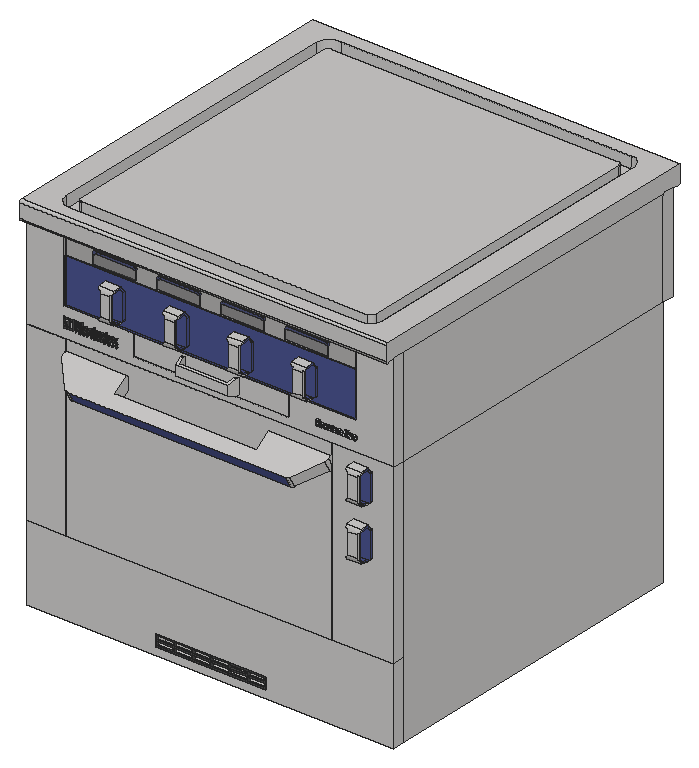
Revit family "QF_ELECTROLUXPROFESSIONAL_588425_MATGFAH8AO", category Attrezzature speciali, Revit 2020
Family settings
  Quota connettore circolare = Usa diametro
  Tipo di parte = Normale
  Basato su piano di lavoro = No
  Sempre verticale = Sì
  Taglio con vuoti quando caricato = No
  Condiviso = No
  Punto di calcolo locali = No
Parameters (values of type "Standard")
  Weight = 208.00 kg
  Watts = 17300 W
  Volts = 400 V
  URL Manufacturer = "https://www.electroluxprofessional.com/"
  URL = "https://www.electroluxprofessional.com/"
  Steam Supply Size = 0"
  Steam Supply Minimum Pressure = 0.00 psi
  Steam Supply Maximum Pressure = 0.00 psi
  Steam Consumption per Hour = 0
  Refrigeration Suction Line Size = 0 mm
  Refrigeration Liquid Line Size = 0 mm
  Refrigerant Compressor Remote = yes
  Prospetto di default = 0 mm
  Phase = 3
  Modello = "MATGFAH8AO"
  Produttore = "Electrolux Professional"
  Length Actual = 800 mm  # constant formula
  Item Number = "588425"
  Hot Water Size = 0"
  Height Actual = 800 mm  # constant formula
  HP = "23.2 HP"
  Gas Size = 0"
  Gas KW = 0
  Gas Input Pressure = 0.0 Btu/h
  Direct Waste Size = 0"
  Descrizione = "EL.FREE COOK.ST.OVEN,1S,800X800X800H"
  Depth Actual = 800 mm  # constant formula
  Cycle = 50 Hz
  Condensate Return Size = 0"
  Compressed Air Volume = 0 GPM
  Compressed Air Size = 0"
  Compressed Air Pressure = 0.00 psi
  Cold Water Size = 0"
  Accessory = yes
Reference planes
  plane 1 "BACK": y = 0
  plane 2: z = 0
  plane 3 "LEFT": x = 0
  plane 4 "RIGHT": x = 800
  plane 5 "FRONT": y = -800
  plane 6 "TOP": z = 900
  plane 7 "Center (Left/Right)": x = 400
  plane 8: y = -400
  plane 9: z = 100
  plane 10: y = -150
  plane 11 "Panel": y = -755
  plane 12: z = 798
  plane 13: z = 1327
  plane 14: x = 78
  plane 15: x = 722
  plane 16: y = -150
  plane 17: y = -650
  plane 18 "EIx": x = 755
  plane 19 "EIy": y = -585
Forms (mm)
  Extrusion 1, solid, material "QF_Finishes_Stainless Steel"
    sketch origin (-178.969, -4572, 100) x (-1, 0, 0) y (0, -1, 0)
      loop
        line (-178.969, -4527) -> (-178.969, -3817) -> (-978.969, -3817) -> (-978.969, -4527) -> (-178.969, -4527)
    from 550 to 762.969
  Extrusion 2, solid, material "QF_Finishes_Stainless Steel"
    sketch origin (0, 0, 0) x (0, 1, 0) y (0, 0, 1)
      loop
        line (-755, 100) -> (-755, 265) -> (-780, 265) -> (-780, 100) -> (-755, 100)
    from 0 to 800
  Extrusion 3, solid, material "QF_Finishes_Stainless Steel"
    sketch origin (-588.969, -4562, 100) x (-1, 0, 0) y (0, -1, 0)
      loop
        circle (-1343.969, -3977) r 6.35
    from 0 to -11.851
  Extrusion 4, solid, material "QF_Finishes_Stainless Steel"
    sketch origin (400, 296.4, 1219.2) x (0, 1, 0) y (0, 0, 1)
      loop
        line (-296.4, -319.2) -> (-1091.4, -319.2)
        arc (-1091.4, -319.2) -> (-1094.935, -320.664) -> (-1096.4, -324.2) r 5
        line (-1096.4, -324.2) -> (-1096.4, -355.2)
        arc (-1096.4, -355.2) -> (-1094.971, -358.264) -> (-1091.705, -359.139) r 4
        line (-1091.705, -359.139) -> (-1076.4, -356.231) -> (-316.4, -356.231) -> (-301.094, -359.139)
        arc (-301.094, -359.139) -> (-297.829, -358.264) -> (-296.4, -355.2) r 4
        line (-296.4, -355.2) -> (-296.4, -319.2)
    from -400 to 400
  Extrusion 5, solid, material "QF_Finishes_Stainless Steel"
    sketch origin (0, 0, 900) x (-1, 0, 0) y (0, -1, 0)
      loop
        arc (-88, 59) -> (-80.929, 61.929) -> (-78, 69) r 10
        line (-78, 69) -> (-78, 730)
        arc (-78, 730) -> (-80.929, 737.071) -> (-88, 740) r 10
        line (-88, 740) -> (-712, 740)
        arc (-712, 740) -> (-719.071, 737.071) -> (-722, 730) r 10
        line (-722, 730) -> (-722, 69)
        arc (-722, 69) -> (-719.071, 61.929) -> (-712, 59) r 10
        line (-712, 59) -> (-88, 59)
    from 0 to -20
  Extrusion 6, solid, material "QF_Finishes_Stainless Steel"
    sketch origin (-178.969, -4572, 100) x (-1, 0, 0) y (0, -1, 0)
      loop
        line (-178.969, -4527) -> (-178.969, -3817) -> (-978.969, -3817) -> (-978.969, -4527) -> (-178.969, -4527)
    from 550 to 0
  Extrusion 7, void
    sketch origin (0, -755, 0) x (-1, 0, 0) y (0, 0, 1)
      loop
        line (-520, 116.594) -> (-280, 116.594) -> (-280, 141.594) -> (-520, 141.594) -> (-520, 116.594)
    from 0 to -25
  Extrusion 8, solid, material "QF_Finishes_Black"
    sketch origin (0, -755, 0) x (-1, 0, 0) y (0, 0, 1)
      loop
        line (-280, 141.594) -> (-520, 141.594) -> (-520, 116.594) -> (-280, 116.594) -> (-280, 141.594)
      loop
        line (-282, 139.594) -> (-319.131, 139.594) -> (-319.131, 130.094) -> (-282, 130.094) -> (-282, 139.594)
      loop
        line (-282, 118.594) -> (-282, 128.094) -> (-319.131, 128.094) -> (-319.131, 118.594) -> (-282, 118.594)
      loop
        line (-321.131, 139.594) -> (-359.066, 139.594) -> (-359.066, 130.094) -> (-321.131, 130.094) -> (-321.131, 139.594)
      loop
        line (-399, 139.594) -> (-399, 130.094) -> (-361.066, 130.094) -> (-361.066, 139.594) -> (-399, 139.594)
      loop
        line (-401, 139.594) -> (-438.934, 139.594) -> (-438.934, 130.094) -> (-401, 130.094) -> (-401, 139.594)
      loop
        line (-359.066, 118.594) -> (-321.131, 118.594) -> (-321.131, 128.094) -> (-359.066, 128.094) -> (-359.066, 118.594)
      loop
        line (-361.066, 118.594) -> (-361.066, 128.094) -> (-399, 128.094) -> (-399, 118.594) -> (-361.066, 118.594)
      loop
        line (-401, 128.094) -> (-438.934, 128.094) -> (-438.934, 118.594) -> (-401, 118.594) -> (-401, 128.094)
      loop
        line (-518, 139.594) -> (-518, 130.094) -> (-480.869, 130.094) -> (-480.869, 139.594) -> (-518, 139.594)
      loop
        line (-518, 118.594) -> (-480.869, 118.594) -> (-480.869, 128.094) -> (-518, 128.094) -> (-518, 118.594)
      loop
        line (-478.869, 139.594) -> (-478.869, 130.094) -> (-440.934, 130.094) -> (-440.934, 139.594) -> (-478.869, 139.594)
      loop
        line (-440.934, 118.594) -> (-440.934, 128.094) -> (-478.869, 128.094) -> (-478.869, 118.594) -> (-440.934, 118.594)
    from -25.03 to -20
  Extrusion 9, void
    sketch origin (0, 0, 900) x (-1, 0, 0) y (0, -1, 0)
      loop
        arc (-53, 740) -> (-61.787, 761.213) -> (-83, 770) r 30
        line (-83, 770) -> (-717, 770)
        arc (-717, 770) -> (-738.213, 761.213) -> (-747, 740) r 30
        line (-747, 740) -> (-747, 59)
        arc (-747, 59) -> (-738.213, 37.787) -> (-717, 29) r 30
        line (-717, 29) -> (-83, 29)
        arc (-83, 29) -> (-61.787, 37.787) -> (-53, 59) r 30
        line (-53, 59) -> (-53, 740)
    from 0 to -25
  Extrusion 10, solid, material "QF_Finishes_Stainless Steel"
    sketch origin (0, 0, 900) x (-1, 0, 0) y (0, -1, 0)
      loop
        line (-82, 63) -> (-82, 736) -> (-718, 736) -> (-718, 63) -> (-82, 63)
    from -20 to -25
  Extrusion 11, solid, material "QF_Finishes_Stainless Steel"
    sketch origin (400, 296.4, 1219.2) x (0, 1, 0) y (0, 0, 1)
      loop
        line (-341.4, -569.2) -> (-316.4, -569.2) -> (-316.4, -356.231) -> (-341.4, -356.231) -> (-341.4, -569.2)
    from -400 to 400
Cuts and joins
  Extrusion 7 cuts Extrusion 6
  Extrusion 7 cuts Extrusion 2
  Extrusion 9 cuts Extrusion 4
Lines and regions (mm)
  symbolic lines
    curve 1: line (0, 0, 100) -> (800, 0, 100)
    curve 2: line (0, -800, 100) -> (0, 0, 100)
    curve 3: line (800, -800, 100) -> (0, -800, 100)
    curve 4: line (800, 0, 100) -> (800, -800, 100)
    curve 5: line (712, -59, 100) -> (88, -59, 100)
    curve 6: line (722, -680, 100) -> (722, -69, 100)
    curve 7: arc (88, -59, 100) -> (80.929, -61.929, 100) -> (78, -69, 100) r 10
    curve 8: arc (722, -69, 100) -> (719.071, -61.929, 100) -> (712, -59, 100) r 10
    curve 9: line (712, -741, 100) -> (88, -741, 100)
    curve 10: arc (88, -741, 100) -> (80.929, -738.071, 100) -> (78, -731, 100) r 10
    curve 11: arc (722, -731, 100) -> (719.071, -738.071, 100) -> (712, -741, 100) r 10
    curve 12: line (78, -69, 0) -> (78, -731, 0)
    curve 13: line (722, -731, 0) -> (722, -69, 0)
    curve 14: arc (83, -29, 0) -> (61.787, -37.787, 0) -> (53, -59, 0) r 30
    curve 15: line (717, -29, 0) -> (83, -29, 0)
    curve 16: line (53, -59, 0) -> (53, -740, 0)
    curve 17: line (747, -740, 0) -> (747, -59, 0)
    curve 18: arc (747, -59, 0) -> (738.213, -37.787, 0) -> (717, -29, 0) r 30
    curve 19: arc (717, -770, 0) -> (738.213, -761.213, 0) -> (747, -740, 0) r 30
    curve 20: line (83, -770, 0) -> (717, -770, 0)
    curve 21: arc (53, -740, 0) -> (61.787, -761.213, 0) -> (83, -770, 0) r 30
Dimensions and locks
  plane 3 "LEFT" to plane 4 "RIGHT" = 800 mm
  plane 5 "FRONT" to plane 1 "BACK" = 800 mm
  equal spacing: plane 3 "LEFT", plane 7 "Center (Left/Right)", plane 4 "RIGHT"
  equal spacing: plane 5 "FRONT", plane 8, plane 1 "BACK"
  plane 6 "TOP" to level = 900 mm  (x2)
  plane 9 to level = 100 mm
  plane 1 "BACK" to plane 10 to plane 11 "Panel" = 150 mm, 605 mm  (x2)
  plane 6 "TOP" to plane 9 to level = 800 mm, 100 mm
  plane 1 "BACK" to plane 5 "FRONT" = 800 mm
  plane 1 "BACK" to Extrusion 3 = 585 mm
  plane 12 to plane 9 = 698 mm
  plane 13 to plane 6 "TOP" = 427 mm
  plane 6 "TOP" to plane 12 = 102 mm
  plane 14 to plane 3 "LEFT" = 78 mm
  plane 15 to plane 4 "RIGHT" = 78 mm
  locked: plane 1 "BACK" to plane 16 at 150
  locked: plane 16 to plane 17 at 500
  plane 11 "Panel" to plane 5 "FRONT" = 45 mm
  plane 18 "EIx" to plane 4 "RIGHT" = 45 mm
  plane 19 "EIy" to plane 1 "BACK" = 585 mm
  aligned and locked: level to plane 2
  aligned and locked: Extrusion 2 to plane 4 "RIGHT"
  aligned and locked: plane 3 "LEFT" to nested 1
  aligned and locked: Extrusion 11 to plane 4 "RIGHT"
  aligned and locked: Extrusion 11 to plane 3 "LEFT"
  aligned and locked: plane 7 "Center (Left/Right)" to nested 4
  aligned and locked: cut or joined group of Extrusion 2, Extrusion 7 to nested 1
  aligned and locked: Extrusion 1 to cut or joined group of Extrusion 6, Extrusion 7
Automatic sketch dimensions
  Extrusion 2 sketch curve to plane 9 = 0 mm
  Extrusion 2 sketch curve to plane 11 "Panel" = 0 mm
  Extrusion 2 sketch curve to plane 5 "FRONT" = 20 mm
  plane 9 to Extrusion 2 sketch curve = 165 mm
  Extrusion 3 sketch curve to plane 18 "EIx" = 0 mm
  Extrusion 3 sketch curve to plane 19 "EIy" = 0 mm
  Extrusion 4 sketch curve to plane 5 "FRONT" = 0 mm
  Extrusion 4 sketch curve to plane 6 "TOP" = 0 mm
  Extrusion 4 sketch curve to plane 1 "BACK" = 0 mm
  Extrusion 4 sketch curve to plane 5 "FRONT" = 4 mm
  Extrusion 4 sketch curve to Extrusion 4 sketch curve = 0.695 mm
  Extrusion 4 sketch curve to plane 5 "FRONT" = 5 mm
  Extrusion 4 sketch curve to Extrusion 4 sketch curve = 15.305 mm
  plane 1 "BACK" to Extrusion 4 sketch curve = 20 mm
  plane 1 "BACK" to Extrusion 4 sketch curve = 4.695 mm
  Extrusion 4 sketch curve to Extrusion 4 sketch curve = 4 mm
  Extrusion 4 sketch curve to Extrusion 4 sketch curve = 31 mm
  Extrusion 4 sketch curve to plane 6 "TOP" = 36 mm
  Extrusion 4 sketch curve to Extrusion 4 sketch curve = 2.909 mm
  Extrusion 5 sketch curve to plane 15 = 0 mm
  Extrusion 5 sketch curve to plane 14 = 0 mm
  plane 15 to Extrusion 5 sketch curve = 10 mm  (x2)
  Extrusion 5 sketch curve to Extrusion 5 sketch curve = 10 mm  (x2)
  plane 10 to Extrusion 5 sketch curve = 91 mm
  plane 17 to Extrusion 5 sketch curve = 80 mm
  plane 9 to Extrusion 7 sketch curve = 41.594 mm
  plane 7 "Center (Left/Right)" to Extrusion 7 sketch curve = 120 mm
  Extrusion 7 sketch curve to plane 7 "Center (Left/Right)" = 120 mm
  plane 9 to Extrusion 7 sketch curve = 16.594 mm
  plane 9 to Extrusion 8 sketch curve = 41.594 mm
  plane 7 "Center (Left/Right)" to Extrusion 8 sketch curve = 120 mm
  Extrusion 8 sketch curve to Extrusion 8 sketch curve = 2 mm  (x15)
  Extrusion 8 sketch curve to Extrusion 8 sketch curve = 0 mm  (x16)
  Extrusion 8 sketch curve to Extrusion 8 sketch curve = 37.131 mm  (x2)
  Extrusion 8 sketch curve to Extrusion 8 sketch curve = 37.934 mm  (x3)
  plane 7 "Center (Left/Right)" to Extrusion 8 sketch curve = 1 mm  (x2)
  Extrusion 8 sketch curve to plane 7 "Center (Left/Right)" = 1 mm  (x2)
  plane 9 to Extrusion 8 sketch curve = 18.594 mm  (x4)
  Extrusion 8 sketch curve to Extrusion 8 sketch curve = 9.5 mm  (x6)
  Extrusion 10 sketch curve to plane 14 = 4 mm
  plane 15 to Extrusion 10 sketch curve = 4 mm
  plane 17 to Extrusion 10 sketch curve = 86 mm
  plane 10 to Extrusion 10 sketch curve = 87 mm
  plane 18 "EIx" to Extrusion 9 sketch curve = 8 mm
  plane 15 to Extrusion 9 sketch curve = 5 mm  (x2)
  Extrusion 9 sketch curve to plane 14 = 5 mm  (x2)
  plane 14 to Extrusion 9 sketch curve = 25 mm
  plane 1 "BACK" to Extrusion 9 sketch curve = 29 mm
  plane 11 "Panel" to Extrusion 9 sketch curve = 15 mm
  Extrusion 1 sketch curve to plane 4 "RIGHT" = 0 mm
  Extrusion 1 sketch curve to plane 3 "LEFT" = 0 mm
  Extrusion 1 sketch curve to plane 11 "Panel" = 0 mm
  plane 1 "BACK" to Extrusion 1 sketch curve = 45 mm
  plane 1 "BACK" to curve 1 = 0 mm
  curve 1 to plane 4 "RIGHT" = 0 mm
  curve 6 to plane 15 = 0 mm
  curve 11 to plane 15 = 0 mm
  curve 10 to plane 14 = 0 mm
  curve 7 to plane 14 = 0 mm
  curve 2 to plane 3 "LEFT" = 0 mm
  plane 5 "FRONT" to curve 3 = 0 mm
  plane 15 to curve 9 = 10 mm
  plane 15 to curve 5 = 10 mm
  curve 7 to plane 14 = 10 mm
  curve 10 to plane 14 = 10 mm
  plane 1 "BACK" to curve 5 = 59 mm
  plane 17 to curve 6 = 30 mm
  plane 11 "Panel" to curve 11 = 24 mm
  Extrusion 6 sketch curve to plane 4 "RIGHT" = 0 mm
  Extrusion 6 sketch curve to plane 3 "LEFT" = 0 mm
  Extrusion 6 sketch curve to plane 11 "Panel" = 0 mm
  plane 1 "BACK" to Extrusion 6 sketch curve = 45 mm
  curve 12 to plane 14 = 0 mm
  curve 13 to plane 15 = 0 mm
  plane 11 "Panel" to curve 12 = 24 mm
  plane 11 "Panel" to curve 13 = 24 mm
  plane 1 "BACK" to curve 13 = 69 mm
  curve 14 to plane 14 = 5 mm
  curve 12 to curve 14 = 10 mm
  plane 1 "BACK" to curve 15 = 29 mm
  plane 15 to curve 15 = 5 mm
  plane 11 "Panel" to curve 16 = 15 mm
  plane 18 "EIx" to curve 17 = 8 mm
  plane 11 "Panel" to curve 17 = 15 mm
  plane 15 to curve 19 = 5 mm
  curve 20 to plane 14 = 5 mm
  plane 1 "BACK" to Extrusion 11 sketch curve = 45 mm
  plane 1 "BACK" to Extrusion 11 sketch curve = 20 mm
  Extrusion 11 sketch curve to plane 12 = 148 mm
  Extrusion 11 sketch curve to plane 6 "TOP" = 37.031 mm
  radius of Extrusion 3 sketch curve = 6.35 mm
Nested families
  nested 1: "Door_Panel_W800_A" at (300, -755, 0), type "Door_Panel_W800_A"
  nested 2: "FIT Range Control Handle" at (730, -783.167, -372.751), type "FIT Range Control Handle"
  nested 3: "FIT Range Control Handle" at (730, -783.167, -484.751), type "FIT Range Control Handle"
  nested 4: "Front_Panel_W800_Four Knobs" at (202.376, -755, 0), type "Front_Panel_W800_Four Knobs"
Connectors
  electrical at (755, -585, 88.149)
    settings: on Extrusion 3, index 1, voltage 400 V, apparent load 33000 VA, apparent load phase1 0 VA, apparent load phase2 0 VA, apparent load phase3 0 VA, power factor 1, load classification "Other", number of poles 1, system type 30, power factor state 1, is connector primary yes, connector utility no, sub classification motor no, connector description "ELECTRICAL CONNECTION"
Definition of nested family "Door_Panel_W800_A"
  Parameters
    Default Elevation = 0 mm
  Reference planes
    plane 1 "Center (Front/Back)": y = 0
    plane 2 "Ref. Level": z = 0
    plane 3: x = 500
    plane 4: x = -300
    plane 5 "Center (Left/Right)": x = 100
    plane 6: x = -215
    plane 7: x = 365
    plane 8 "Manopola": through (-6096, -50.059, 612.389) normal (0, -0.515, 0.8572)
    plane 9 "Top": z = 650
    plane 10: z = 265
    plane 11: z = 200
  Forms (mm)
    Extrusion 1, solid
      sketch origin (100, 0, 0) x (0, 1, 0) y (0, 0, 1)
        loop
          line (-25.03, 650) -> (-25.03, 265) -> (0, 265) -> (0, 650) -> (-25.03, 650)
      from 265 to 400
    Extrusion 2, solid
      sketch origin (100, 0, 0) x (0, 1, 0) y (0, 0, 1)
        loop
          line (-25.03, 650) -> (-25.03, 265) -> (0, 265) -> (0, 650) -> (-25.03, 650)
      from -400 to -315
    Extrusion 3, solid
      sketch origin (100, 0, 0) x (0, 1, 0) y (0, 0, 1)
        loop
          line (-25.03, 650) -> (-25.03, 265) -> (0, 265) -> (0, 650) -> (-25.03, 650)
      from -315 to 265
    Extrusion 4, solid
      sketch origin (0, -283.633, 472.044) x (0, 0.857167, 0.515038) y (-1, 0, 0)
        loop
          line (299.12, -365) -> (299.12, 215) -> (290.982, 215)
          arc (290.982, 215) -> (286.677, 214.026) -> (283.211, 211.293) r 10
          line (283.211, 211.293) -> (233.28, 170.86)
          arc (233.28, 170.86) -> (230.548, 167.394) -> (229.574, 163.089) r 10
          line (229.574, 163.089) -> (229.574, -313.089)
          arc (229.574, -313.089) -> (230.548, -317.394) -> (233.28, -320.86) r 10
          line (233.28, -320.86) -> (283.211, -361.293)
          arc (283.211, -361.293) -> (286.677, -364.026) -> (290.982, -365) r 10
          line (290.982, -365) -> (299.12, -365)
      from -27 to 0
    Extrusion 5, void
      sketch origin (100, 0, 0) x (0, 1, 0) y (0, 0, 1)
        loop
          line (-61.514, 605.507) -> (-47.608, 582.363) -> (-25.03, 595.93) -> (-25.03, 627.429) -> (-61.514, 605.507)
      from -180 to 130
    Extrusion 6, solid, detail levels coarse
      sketch origin (100, 0, 0) x (0, 1, 0) y (0, 0, 1)
        loop
          line (-25.03, 265) -> (-25.03, 650)
          arc (-25.03, 650) -> (-297.266, 537.236) -> (-410.03, 265) r 385
          line (-410.03, 265) -> (-25.03, 265)
      from -315 to 265
  Cuts and joins
    Extrusion 5 cuts Extrusion 4
    joined: Extrusion 3, Extrusion 4
  Lines and regions (mm)
    symbolic lines
      curve 1: line (-207.355, -45.043, 0) -> (-170.86, -83.673, 0)
      curve 2: line (-163.089, -86.85, 0) -> (313.089, -86.85, 0)
      curve 3: line (320.86, -83.673, 0) -> (357.355, -45.043, 0)
      curve 4: arc (-163.089, -86.85, 0) -> (-167.318, -86.101, 0) -> (-170.86, -83.673, 0) r 10.165
      curve 5: arc (313.089, -86.85, 0) -> (317.318, -86.101, 0) -> (320.86, -83.673, 0) r 10.165
      curve 6: line (-215, -45.043, 0) -> (-215, -410.03, 0)
      curve 7: line (-215, -410.03, 0) -> (365, -410.03, 0)
      curve 8: line (365, -410.03, 0) -> (365, -45.03, 0)
  Dimensions and locks
    plane 3 to plane 4 = 800 mm
    plane 4 to plane 3 = 800 mm
    equal spacing: plane 3, plane 5 "Center (Left/Right)", plane 4
    plane 6 to plane 4 = 85 mm
    plane 3 to plane 7 = 135 mm
    plane 11 to level = 200 mm
    plane 10 to plane 11 = 65 mm
    plane 10 to plane 9 "Top" = 385 mm
    plane 9 "Top" to plane 11 = 450 mm
    aligned and locked: plane 3 to Extrusion 1
    aligned and locked: cut or joined group of Extrusion 3, Extrusion 4, Extrusion 5 to plane 6
    aligned and locked: cut or joined group of Extrusion 3, Extrusion 4, Extrusion 5 to plane 7
    aligned and locked: plane 7 to Extrusion 1
    aligned and locked: plane 6 to Extrusion 2
    aligned and locked: Extrusion 2 to plane 4
    aligned and locked: plane 10 to Extrusion 2
    aligned and locked: plane 10 to cut or joined group of Extrusion 3, Extrusion 4, Extrusion 5
    aligned and locked: plane 10 to Extrusion 1
    aligned and locked: Extrusion 6 to plane 6
    aligned and locked: Extrusion 6 to plane 7
  Automatic sketch dimensions
    Extrusion 5 sketch curve to plane 8 "Manopola" = 0 mm  (x2)
    plane 1 "Center (Front/Back)" to Extrusion 5 sketch curve = 61.514 mm
    Extrusion 5 sketch curve to Extrusion 5 sketch curve = 13.906 mm
    plane 1 "Center (Front/Back)" to Extrusion 5 sketch curve = 25.03 mm
    Extrusion 4 sketch curve to plane 7 = 0 mm
    Extrusion 4 sketch curve to plane 6 = 0 mm
    plane 6 to Extrusion 4 sketch curve = 51.911 mm
    plane 7 to Extrusion 4 sketch curve = 44.14 mm
    Extrusion 4 sketch curve to Extrusion 4 sketch curve = 3.707 mm  (x2)
    plane 6 to Extrusion 4 sketch curve = 44.14 mm
    plane 7 to Extrusion 4 sketch curve = 3.707 mm
    Extrusion 4 sketch curve to Extrusion 4 sketch curve = 49.93 mm  (x2)
    plane 6 to Extrusion 4 sketch curve = 3.707 mm
    Extrusion 4 sketch curve to Extrusion 4 sketch curve = 7.771 mm  (x3)
    Extrusion 4 sketch curve to Extrusion 4 sketch curve = 8.138 mm
    Extrusion 2 sketch curve to plane 1 "Center (Front/Back)" = 0 mm
    Extrusion 3 sketch curve to plane 1 "Center (Front/Back)" = 0 mm
    Extrusion 1 sketch curve to plane 1 "Center (Front/Back)" = 0 mm
    Extrusion 2 sketch curve to plane 9 "Top" = 0 mm
    Extrusion 2 sketch curve to Extrusion 2 sketch curve = 25.03 mm
    Extrusion 3 sketch curve to plane 9 "Top" = 0 mm
    Extrusion 3 sketch curve to Extrusion 3 sketch curve = 25.03 mm
    Extrusion 1 sketch curve to plane 9 "Top" = 0 mm
    plane 1 "Center (Front/Back)" to Extrusion 1 sketch curve = 25.03 mm
    level to Extrusion 1 sketch curve = 265 mm
    level to Extrusion 2 sketch curve = 265 mm
    level to Extrusion 3 sketch curve = 265 mm
    plane 10 to Extrusion 6 sketch curve = 0 mm
    Extrusion 6 sketch curve to plane 9 "Top" = 0 mm
    plane 1 "Center (Front/Back)" to Extrusion 6 sketch curve = 25.03 mm
    curve 7 to plane 7 = 0 mm
    plane 6 to curve 1 = 44.14 mm
    curve 4 to curve 4 = 7.389 mm
    curve 4 to curve 2 = 7.771 mm
    plane 7 to curve 2 = 51.911 mm
    curve 2 to curve 5 = 0.382 mm
    curve 2 to curve 3 = 7.771 mm
    plane 1 "Center (Front/Back)" to curve 6 = 410.03 mm
    plane 1 "Center (Front/Back)" to curve 2 = 86.85 mm
    curve 2 to curve 3 = 3.177 mm
    curve 2 to curve 1 = 3.177 mm
    plane 7 to curve 3 = 7.645 mm
    plane 1 "Center (Front/Back)" to curve 3 = 45.043 mm
    curve 3 to curve 8 = 0.013 mm
    curve 7 to plane 6 = 0 mm
    curve 6 to curve 1 = 7.645 mm
    plane 1 "Center (Front/Back)" to curve 1 = 45.043 mm
    curve 6 to curve 1 = 0 mm
Definition of nested family "FIT Range Control Handle"
  Parameters
    Default Elevation = 0 mm
  Reference planes
    plane 1 "Center (Front/Back)": y = 0
    plane 2: z = 0
    plane 3 "Center (Left/Right)": x = 0
    plane 4: z = 971.092
    plane 5: y = -16.8
  Forms (mm)
    Extrusion 1, solid
      sketch origin (-746.28, 380.497, 208.931) x (-1, 0, 0) y (0, 0, 1)
        loop
          line (-770.101, 786.798) -> (-770.101, 731.649)
          arc (-770.101, 731.649) -> (-769.759, 730.563) -> (-768.855, 729.87) r 1.893
          line (-768.855, 729.87) -> (-763.474, 727.911) -> (-729.81, 727.911) -> (-724.428, 729.87)
          arc (-724.428, 729.87) -> (-723.525, 730.563) -> (-723.183, 731.649) r 1.893
          line (-723.183, 731.649) -> (-723.183, 786.798)
          arc (-723.183, 786.798) -> (-723.529, 787.894) -> (-724.44, 788.593) r 1.91
          line (-724.44, 788.593) -> (-729.683, 790.819) -> (-763.601, 790.819) -> (-768.844, 788.593)
          arc (-768.844, 788.593) -> (-769.755, 787.894) -> (-770.101, 786.798) r 1.91
      from -382.35 to -378.852
    Sweep 2, solid
      path origin (-746.788, 380.496, 208.091) x (0, -1, 0) y (0, 0, 1)
        loop
          line (379.775, 793.281) -> (395.661, 791.048)
          arc (395.661, 791.048) -> (397.781, 787.377) -> (398.517, 783.202) r 12.207
          line (398.517, 783.202) -> (398.517, 737.368)
          arc (398.517, 737.368) -> (397.781, 733.193) -> (395.661, 729.522) r 12.207
          line (395.661, 729.522) -> (379.775, 727.289)
      profile origin (-746.788, -7.222, 1000.256) x (0, -0.139173, 0.990268) y (-1, 0, 0)
        loop
          line (0.782, -763.123) -> (0.782, -730.907) -> (-1.322, -730.907) -> (-1.322, -763.123) -> (0.782, -763.123)
    Sweep 3, solid
      path origin (-746.788, 380.715, 207.832) x (0, -1, 0) y (0, 0, 1)
        loop
          line (380.478, 795.442) -> (397.218, 793.09)
          arc (397.218, 793.09) -> (399.929, 788.473) -> (400.871, 783.202) r 15.207
          line (400.871, 783.202) -> (400.871, 737.584)
          arc (400.871, 737.584) -> (399.914, 732.274) -> (397.164, 727.633) r 15.207
          line (397.164, 727.633) -> (380.601, 725.305)
      profile origin (-746.788, -8.132, 1002.099) x (0, -0.139173, 0.990268) y (-1, 0, 0)
        loop
          line (0.782, -763.123) -> (0.782, -730.907) -> (-1.322, -730.907) -> (-1.322, -763.123) -> (0.782, -763.123)
    Extrusion 4, void
      sketch origin (889.253, 220.666, 207.993) x (1, 0, 0) y (0, 0, 1)
        loop
          line (-943.038, 816.854) -> (-943.038, 703.686) -> (-899.466, 734.196) -> (-899.466, 786.344) -> (-943.038, 816.854)
      from 230.636 to 242.25
    Extrusion 5, void
      sketch origin (-888.8, 220.666, 207.993) x (-1, 0, 0) y (0, 0, -1)
        loop
          line (-943.038, -816.854) -> (-899.466, -786.344) -> (-899.466, -734.196) -> (-943.038, -703.686) -> (-943.038, -816.854)
      from 230.636 to 242.25
    Extrusion 6, solid
      sketch origin (0, 0, 0) x (1, 0, 0) y (0, 0, 1)
        loop
          circle (0, 971.092) r 7.736
      from -3.137 to -1.645
  Cuts and joins
    Extrusion 4, Extrusion 5 cuts Sweep 3
    Extrusion 4, Extrusion 5 cuts Sweep 2
    joined: Extrusion 1, Extrusion 6
  Lines and regions (mm)
    symbolic lines
      curve 1: line (-15.881, -19.189, 0) -> (-15.881, -16.8, 0)
      curve 2: line (16.334, -19.189, 0) -> (16.334, -16.8, 0)
      curve 3: spline (-15.881, -19.189, 0) -> (-15.417, -19.349, 0) -> (-14.951, -19.501, 0) -> (-14.483, -19.646, 0) -> (-14.014, -19.783, 0) -> (-13.543, -19.912, 0) -> (-13.071, -20.033, 0) -> (-12.597, -20.146, 0) -> (-12.122, -20.251, 0) -> (-11.646, -20.349, 0) -> (-11.169, -20.438, 0) -> (-10.691, -20.52, 0) -> (-10.213, -20.593, 0)
      curve 4: spline (10.666, -20.593, 0) -> (11.144, -20.52, 0) -> (11.622, -20.438, 0) -> (12.099, -20.349, 0) -> (12.575, -20.251, 0) -> (13.05, -20.146, 0) -> (13.524, -20.033, 0) -> (13.996, -19.912, 0) -> (14.467, -19.783, 0) -> (14.936, -19.646, 0) -> (15.404, -19.501, 0) -> (15.87, -19.349, 0) -> (16.334, -19.189, 0)
      curve 5: line (-10.213, -20.938, 0) -> (10.716, -20.938, 0)
  Dimensions and locks
    cut or joined group of Sweep 3, Extrusion 4, Extrusion 5 to cut or joined group of Sweep 3, Extrusion 4, Extrusion 5 = 71.686 mm
Definition of nested family "Front_Panel_W800_Four Knobs"
  Parameters
    Default Elevation = 0 mm
  Reference planes
    plane 1 "Center (Front/Back)": y = 0
    plane 2: z = 0
    plane 3 "Center (Left/Right)": x = 197.624
    plane 4 "Left": x = -202.376
    plane 5 "Right": x = 597.624
    plane 6: y = -45
    plane 7: x = -12.376
    plane 8: x = 127.624
    plane 9: y = -310
    plane 10: y = -25
    plane 11: x = 517.624
    plane 12: x = -122.376
  Forms (mm)
    Extrusion 1, solid
      sketch origin (833.217, 829.203, -1.25) x (0, 1, 0) y (0, 0, 1)
        loop
          line (-854.203, 651.25) -> (-829.203, 651.25) -> (-829.203, 864.25) -> (-854.203, 864.25) -> (-854.203, 651.25)
      from -1035.593 to -235.593
    Extrusion 2, void
      sketch origin (0, 0, 0) x (1, 0, 0) y (0, 0, 1)
        loop
          line (-122.376, 853.866) -> (-122.376, 711.866) -> (517.624, 711.866) -> (517.624, 853.866) -> (-122.376, 853.866)
      from 19.387 to 33.951
    Extrusion 3, void
      sketch origin (0, 0, 0) x (1, 0, 0) y (0, 0, 1)
        loop
          line (30.124, 711.866) -> (30.124, 666.866) -> (370.124, 666.866) -> (370.124, 711.866) -> (30.124, 711.866)
      from 19.387 to 25
    Extrusion 4, solid
      sketch origin (0, 0, 0) x (1, 0, 0) y (0, 0, 1)
        loop
          line (31.124, 710.866) -> (31.124, 667.866) -> (369.124, 667.866) -> (369.124, 710.866) -> (31.124, 710.866)
      from 19.387 to 25
    Extrusion 5, solid
      sketch origin (0, 0, 0) x (1, 0, 0) y (0, 1, 0)
        loop
          line (141.059, -25) -> (135.966, -25) -> (140.646, -49.075) -> (254.603, -49.075) -> (259.283, -25) -> (254.189, -25) -> (250.481, -44.075) -> (144.767, -44.075) -> (141.059, -25)
      from 672.593 to 705.67
    Extrusion 6, void
      sketch origin (197.624, 0, 0) x (0, 1, 0) y (0, 0, 1)
        loop
          line (-30, 705.67) -> (-30, 710.67) -> (-56.744, 710.67) -> (-56.744, 667.593) -> (-30, 667.593) -> (-30, 672.593) -> (-53.776, 680.318) -> (-53.776, 697.945) -> (-30, 705.67)
      from -70 to 70
    Extrusion 7, solid, detail levels coarse
      sketch origin (0, -265, 0) x (1, 0, 0) y (0, 1, 0)
        loop
          line (140.646, -69.075) -> (254.603, -69.075) -> (259.283, -45) -> (364.124, -45) -> (364.124, 240) -> (31.124, 240) -> (31.124, -45) -> (135.966, -45) -> (140.646, -69.075)
      from 672.593 to 705.67
    Extrusion 8, void
      sketch origin (197.624, -280, 0) x (0, 1, 0) y (0, 0, 1)
        loop
          line (-30, 705.67) -> (-30, 710.67) -> (-56.744, 710.67) -> (-56.744, 667.593) -> (-30, 667.593) -> (-30, 672.593) -> (-53.776, 680.318) -> (-53.776, 697.945) -> (-30, 705.67)
      from -70 to 70
  Cuts and joins
    Extrusion 2, Extrusion 3 cuts Extrusion 1
    Extrusion 6, Extrusion 8 cuts Extrusion 5
    Extrusion 8 cuts Extrusion 7
  Lines and regions (mm)
    symbolic lines
      curve 1: line (31.124, -45, 0) -> (31.124, -310, 0)
      curve 2: line (31.124, -310, 0) -> (364.124, -310, 0)
      curve 3: line (135.966, -310, 0) -> (140.646, -334.075, 0)
      curve 4: line (140.646, -334.075, 0) -> (254.603, -334.075, 0)
      curve 5: line (254.603, -334.075, 0) -> (259.283, -310, 0)
      curve 6: line (364.124, -310, 0) -> (364.124, -45, 0)
      curve 7: line (31.124, -300, 0) -> (364.124, -300, 0)
      curve 8: line (140.874, -309.046, 0) -> (144.767, -329.075, 0)
      curve 9: line (144.767, -329.075, 0) -> (250.481, -329.075, 0)
      curve 10: line (250.481, -329.075, 0) -> (254.375, -309.046, 0)
  Dimensions and locks
    equal spacing: plane 5 "Right", plane 3 "Center (Left/Right)", plane 4 "Left"
    plane 5 "Right" to plane 4 "Left" = 800 mm
    plane 3 "Center (Left/Right)" to plane 7 = 210 mm
    plane 3 "Center (Left/Right)" to plane 8 = 70 mm
    plane 6 to plane 9 = 265 mm
    aligned and locked: cut or joined group of Extrusion 1, Extrusion 2, Extrusion 3 to plane 4 "Left"
    aligned and locked: plane 5 "Right" to cut or joined group of Extrusion 1, Extrusion 2, Extrusion 3
    aligned and locked: plane 3 "Center (Left/Right)" to nested 2
    aligned and locked: cut or joined group of Extrusion 1, Extrusion 2, Extrusion 3 to nested 2
  Automatic sketch dimensions
    plane 7 to Extrusion 3 sketch curve = 42.5 mm
    plane 3 "Center (Left/Right)" to Extrusion 3 sketch curve = 172.5 mm
    level to Extrusion 3 sketch curve = 666.866 mm
    Extrusion 3 sketch curve to Extrusion 3 sketch curve = 45 mm
    plane 7 to Extrusion 4 sketch curve = 43.5 mm
    plane 3 "Center (Left/Right)" to Extrusion 4 sketch curve = 171.5 mm
    level to Extrusion 4 sketch curve = 667.866 mm
    Extrusion 4 sketch curve to Extrusion 4 sketch curve = 43 mm
    plane 8 to Extrusion 5 sketch curve = 8.342 mm
    plane 6 to Extrusion 5 sketch curve = 4.075 mm
    plane 8 to Extrusion 5 sketch curve = 13.021 mm
    Extrusion 5 sketch curve to Extrusion 5 sketch curve = 5.094 mm  (x2)
    Extrusion 5 sketch curve to plane 6 = 0.925 mm
    Extrusion 5 sketch curve to Extrusion 5 sketch curve = 4.122 mm  (x2)
    plane 3 "Center (Left/Right)" to Extrusion 5 sketch curve = 52.857 mm
    Extrusion 5 sketch curve to plane 6 = 20 mm  (x2)
    Extrusion 5 sketch curve to Extrusion 5 sketch curve = 3.708 mm
    plane 6 to Extrusion 6 sketch curve = 11.744 mm
    plane 6 to Extrusion 6 sketch curve = 8.776 mm
    Extrusion 6 sketch curve to plane 6 = 15 mm  (x2)
    level to Extrusion 6 sketch curve = 667.593 mm
    Extrusion 6 sketch curve to Extrusion 6 sketch curve = 5 mm
    Extrusion 6 sketch curve to Extrusion 6 sketch curve = 12.725 mm  (x2)
    Extrusion 6 sketch curve to Extrusion 6 sketch curve = 17.627 mm
    Extrusion 6 sketch curve to Extrusion 6 sketch curve = 7.725 mm
    Extrusion 8 sketch curve to plane 9 = 26.744 mm
    Extrusion 8 sketch curve to plane 9 = 23.776 mm
    plane 9 to Extrusion 8 sketch curve = 0 mm  (x2)
    level to Extrusion 8 sketch curve = 667.593 mm
    Extrusion 8 sketch curve to Extrusion 8 sketch curve = 5 mm
    Extrusion 8 sketch curve to Extrusion 8 sketch curve = 12.725 mm  (x2)
    Extrusion 8 sketch curve to Extrusion 8 sketch curve = 17.627 mm
    Extrusion 8 sketch curve to Extrusion 8 sketch curve = 7.725 mm
    plane 9 to Extrusion 7 sketch curve = 0 mm  (x2)
    plane 7 to Extrusion 7 sketch curve = 43.5 mm
    plane 8 to Extrusion 7 sketch curve = 8.342 mm
    Extrusion 7 sketch curve to plane 9 = 24.075 mm
    plane 8 to Extrusion 7 sketch curve = 13.021 mm
    Extrusion 7 sketch curve to Extrusion 7 sketch curve = 104.842 mm
    Extrusion 7 sketch curve to plane 6 = 20 mm
    plane 3 "Center (Left/Right)" to Extrusion 7 sketch curve = 56.979 mm
    Extrusion 7 sketch curve to Extrusion 7 sketch curve = 4.68 mm
    Extrusion 1 sketch curve to plane 1 "Center (Front/Back)" = 0 mm
    level to Extrusion 1 sketch curve = 650 mm
    plane 4 "Left" to Extrusion 2 sketch curve = 80 mm
    Extrusion 2 sketch curve to plane 5 "Right" = 80 mm
    level to Extrusion 2 sketch curve = 711.866 mm
    Extrusion 2 sketch curve to Extrusion 2 sketch curve = 142 mm
    plane 6 to curve 1 = 0 mm
    plane 6 to curve 6 = 0 mm
    plane 9 to curve 1 = 0 mm
    plane 7 to curve 1 = 43.5 mm
    curve 4 to plane 9 = 24.075 mm
    plane 8 to curve 4 = 13.021 mm
    curve 3 to curve 8 = 4.122 mm
    plane 3 "Center (Left/Right)" to curve 4 = 56.979 mm
    curve 4 to curve 2 = 109.521 mm
    plane 8 to curve 3 = 8.342 mm
    curve 3 to curve 8 = 4.908 mm
    curve 9 to curve 4 = 4.122 mm
    curve 10 to plane 9 = 19.075 mm
    curve 9 to curve 5 = 8.801 mm
    plane 9 to curve 10 = 0.954 mm
    curve 10 to curve 5 = 4.908 mm
    curve 3 to curve 8 = 0.954 mm
    curve 1 to curve 7 = 10 mm
    Extrusion 1 sketch curve to plane 6 = 20 mm
    Extrusion 1 sketch curve to Extrusion 1 sketch curve = 213 mm
  Nested families
    nested 1: "Range Control Handle" at (-12.376, -28.137, -209.113) x (-1, 0, 0) z (0, 0, 1), type "Range Control Handle"
    nested 2: "Front glass control panel W800" at (197.624, 280.644, 2.752), type "Front glass control panel W800"
    nested 3: "Range Control Handle" at (127.624, -28.137, -209.113) x (-1, 0, 0) z (0, 0, 1), type "Range Control Handle"
    nested 4: "Range Control Handle" at (407.624, -28.137, -209.113), type "Range Control Handle"
    nested 5: "Range Control Handle" at (267.624, -28.137, -209.113), type "Range Control Handle"
    nested 6: "ELX_ThermaLine_Small" at (468.838, -25, 679.426) x (1, 0, 0) z (0, -1, 0), type "ELX_ThermaLine_Small"
      with Show Logo yes, Material_Logo none
    nested 7: "ELX_Professional_Logo_Small" at (-62.89, -25, 681.659) x (1, 0, 0) z (0, -1, 0), type "ELX_Professional_Logo_Small"
      with Show Logo yes, Material_Logo none
  Definition of nested family "Range Control Handle"
    Parameters
      Default Elevation = 0 mm
    Reference planes
      plane 1 "Center (Front/Back)": y = 0
      plane 2: z = 0
      plane 3 "Center (Left/Right)": x = 0
      plane 4: z = 971.092
      plane 5: y = -16.9
    Forms (mm)
      Extrusion 1, solid
        sketch origin (-746.28, 380.497, 208.931) x (-1, 0, 0) y (0, 0, 1)
          loop
            line (-770.101, 786.798) -> (-770.101, 731.649)
            arc (-770.101, 731.649) -> (-769.759, 730.563) -> (-768.855, 729.87) r 1.893
            line (-768.855, 729.87) -> (-763.474, 727.911) -> (-729.81, 727.911) -> (-724.428, 729.87)
            arc (-724.428, 729.87) -> (-723.525, 730.563) -> (-723.183, 731.649) r 1.893
            line (-723.183, 731.649) -> (-723.183, 786.798)
            arc (-723.183, 786.798) -> (-723.529, 787.894) -> (-724.44, 788.593) r 1.91
            line (-724.44, 788.593) -> (-729.683, 790.819) -> (-763.601, 790.819) -> (-768.844, 788.593)
            arc (-768.844, 788.593) -> (-769.755, 787.894) -> (-770.101, 786.798) r 1.91
        from -382.35 to -378.852
      Sweep 2, solid
        path origin (-746.788, 380.496, 208.091) x (0, -1, 0) y (0, 0, 1)
          loop
            line (379.775, 793.281) -> (395.661, 791.048)
            arc (395.661, 791.048) -> (397.781, 787.377) -> (398.517, 783.202) r 12.207
            line (398.517, 783.202) -> (398.517, 737.368)
            arc (398.517, 737.368) -> (397.781, 733.193) -> (395.661, 729.522) r 12.207
            line (395.661, 729.522) -> (379.775, 727.289)
        profile origin (-746.788, -7.222, 1000.256) x (0, -0.139173, 0.990268) y (-1, 0, 0)
          loop
            line (0.782, -763.123) -> (0.782, -730.907) -> (-1.322, -730.907) -> (-1.322, -763.123) -> (0.782, -763.123)
      Sweep 3, solid
        path origin (-746.788, 380.715, 207.832) x (0, -1, 0) y (0, 0, 1)
          loop
            line (380.478, 795.442) -> (397.218, 793.09)
            arc (397.218, 793.09) -> (399.929, 788.473) -> (400.871, 783.202) r 15.207
            line (400.871, 783.202) -> (400.871, 737.584)
            arc (400.871, 737.584) -> (399.914, 732.274) -> (397.164, 727.633) r 15.207
            line (397.164, 727.633) -> (380.601, 725.305)
        profile origin (-746.788, -8.132, 1002.099) x (0, -0.139173, 0.990268) y (-1, 0, 0)
          loop
            line (0.782, -763.123) -> (0.782, -730.907) -> (-1.322, -730.907) -> (-1.322, -763.123) -> (0.782, -763.123)
      Extrusion 4, void
        sketch origin (889.253, 220.666, 207.993) x (1, 0, 0) y (0, 0, 1)
          loop
            line (-943.038, 816.854) -> (-943.038, 703.686) -> (-899.466, 734.196) -> (-899.466, 786.344) -> (-943.038, 816.854)
        from 230.636 to 242.25
      Extrusion 5, void
        sketch origin (-888.8, 220.666, 207.993) x (-1, 0, 0) y (0, 0, -1)
          loop
            line (-943.038, -816.854) -> (-899.466, -786.344) -> (-899.466, -734.196) -> (-943.038, -703.686) -> (-943.038, -816.854)
        from 230.636 to 242.25
      Extrusion 6, solid
        sketch origin (0, 0, 0) x (1, 0, 0) y (0, 0, 1)
          loop
            circle (0, 971.092) r 7.736
        from -3.137 to -1.645
    Cuts and joins
      Extrusion 4, Extrusion 5 cuts Sweep 3
      Extrusion 4, Extrusion 5 cuts Sweep 2
      joined: Extrusion 1, Extrusion 6
    Lines and regions (mm)
      symbolic lines
        curve 1: line (16.334, -16.9, 0) -> (16.334, -19.227, 0)
        curve 2: spline (16.334, -19.227, 0) -> (15.87, -19.385, 0) -> (15.404, -19.536, 0) -> (14.936, -19.678, 0) -> (14.466, -19.813, 0) -> (13.995, -19.94, 0) -> (13.523, -20.059, 0) -> (13.049, -20.171, 0) -> (12.575, -20.274, 0) -> (12.099, -20.37, 0) -> (11.622, -20.458, 0) -> (11.144, -20.537, 0) -> (10.666, -20.609, 0)
        curve 3: line (10.666, -16.9, 0) -> (10.666, -20.938, 0)
        curve 4: line (-10.213, -20.938, 0) -> (10.666, -20.938, 0)
        curve 5: line (-10.213, -20.938, 0) -> (-10.213, -16.9, 0)
        curve 6: spline (-10.213, -20.609, 0) -> (-10.691, -20.537, 0) -> (-11.169, -20.458, 0) -> (-11.646, -20.37, 0) -> (-12.122, -20.274, 0) -> (-12.597, -20.171, 0) -> (-13.07, -20.059, 0) -> (-13.542, -19.94, 0) -> (-14.013, -19.813, 0) -> (-14.483, -19.678, 0) -> (-14.951, -19.536, 0) -> (-15.417, -19.385, 0) -> (-15.881, -19.227, 0)
        curve 7: line (-15.881, -19.227, 0) -> (-15.881, -16.9, 0)
  Definition of nested family "Front glass control panel W800"
    Parameters
      Default Elevation = 0 mm
    Reference planes
      plane 1 "Center (Front/Back)": y = 0
      plane 2: z = 0
      plane 3 "Center (Left/Right)": x = 0
    Forms (mm)
      Extrusion 1, solid
        sketch origin (378.286, 0, 0.617) x (1, 0, 0) y (0, 0, 1)
          loop
            line (-698.286, 806.791) -> (-698.286, 708.497) -> (-58.286, 708.497) -> (-58.286, 806.791) -> (-698.286, 806.791)
        from 300.031 to 304.8
      Extrusion 2, solid
        sketch origin (378.286, 0, 0.617) x (1, 0, 0) y (0, 0, 1)
          loop
            line (-698.286, 850.497) -> (-698.286, 806.791) -> (-58.286, 806.791) -> (-58.286, 850.497) -> (-698.286, 850.497)
        from 300.031 to 304.8
      Extrusion 3, void
        sketch origin (378.286, 0, 0.617) x (1, 0, 0) y (0, 0, 1)
          loop
            line (-695.628, 847.565) -> (-695.628, 710.699) -> (-61.196, 710.699) -> (-61.196, 847.565) -> (-695.628, 847.565)
        from 303.697 to 304.8
      Extrusion 4, solid
        sketch origin (-378.333, 1.101, -0.633) x (-1, 0, 0) y (0, 0, -1)
          loop
            line (-261.431, -812.62) -> (-355.186, -812.62) -> (-355.186, -834.177) -> (-350.269, -834.177) -> (-348.469, -835.977) -> (-268.039, -835.977) -> (-266.24, -834.177) -> (-261.431, -834.177) -> (-261.431, -812.62)
        from 304.798 to 306.745
      Extrusion 5, solid
        sketch origin (-378.333, 1.101, -0.633) x (-1, 0, 0) y (0, 0, -1)
          loop
            line (-350.269, -834.177) -> (-355.078, -834.177)
            arc (-355.078, -834.177) -> (-353.942, -838.747) -> (-349.686, -840.763) r 5.5
            line (-349.686, -840.763) -> (-266.98, -840.763)
            arc (-266.98, -840.763) -> (-262.706, -838.752) -> (-261.529, -834.177) r 5.549
            line (-261.529, -834.177) -> (-266.24, -834.177) -> (-268.039, -835.977) -> (-348.469, -835.977) -> (-350.269, -834.177)
        from 304.798 to 306.745
      Extrusion 6, solid
        sketch origin (-518.333, 1.101, -0.633) x (-1, 0, 0) y (0, 0, -1)
          loop
            line (-261.431, -812.62) -> (-355.186, -812.62) -> (-355.186, -834.177) -> (-350.269, -834.177) -> (-348.469, -835.977) -> (-268.039, -835.977) -> (-266.24, -834.177) -> (-261.431, -834.177) -> (-261.431, -812.62)
        from 304.798 to 306.745
      Extrusion 7, solid
        sketch origin (-518.333, 1.101, -0.633) x (-1, 0, 0) y (0, 0, -1)
          loop
            line (-350.269, -834.177) -> (-355.078, -834.177)
            arc (-355.078, -834.177) -> (-353.942, -838.747) -> (-349.686, -840.763) r 5.5
            line (-349.686, -840.763) -> (-266.98, -840.763)
            arc (-266.98, -840.763) -> (-262.706, -838.752) -> (-261.529, -834.177) r 5.549
            line (-261.529, -834.177) -> (-266.24, -834.177) -> (-268.039, -835.977) -> (-348.469, -835.977) -> (-350.269, -834.177)
        from 304.798 to 306.745
      Extrusion 8, solid
        sketch origin (378.333, 1.101, -0.633) x (1, 0, 0) y (0, 0, 1)
          loop
            line (-261.431, 812.62) -> (-261.431, 834.177) -> (-266.24, 834.177) -> (-268.039, 835.977) -> (-348.469, 835.977) -> (-350.269, 834.177) -> (-355.186, 834.177) -> (-355.186, 812.62) -> (-261.431, 812.62)
        from 304.798 to 306.745
      Extrusion 9, solid
        sketch origin (378.333, 1.101, -0.633) x (1, 0, 0) y (0, 0, 1)
          loop
            line (-350.269, 834.177) -> (-348.469, 835.977) -> (-268.039, 835.977) -> (-266.24, 834.177) -> (-261.529, 834.177)
            arc (-261.529, 834.177) -> (-262.706, 838.752) -> (-266.98, 840.763) r 5.549
            line (-266.98, 840.763) -> (-349.686, 840.763)
            arc (-349.686, 840.763) -> (-353.942, 838.747) -> (-355.078, 834.177) r 5.5
            line (-355.078, 834.177) -> (-350.269, 834.177)
        from 304.798 to 306.745
      Extrusion 10, solid
        sketch origin (518.333, 1.101, -0.633) x (1, 0, 0) y (0, 0, 1)
          loop
            line (-261.431, 812.62) -> (-261.431, 834.177) -> (-266.24, 834.177) -> (-268.039, 835.977) -> (-348.469, 835.977) -> (-350.269, 834.177) -> (-355.186, 834.177) -> (-355.186, 812.62) -> (-261.431, 812.62)
        from 304.798 to 306.745
      Extrusion 11, solid
        sketch origin (518.333, 1.101, -0.633) x (1, 0, 0) y (0, 0, 1)
          loop
            line (-350.269, 834.177) -> (-348.469, 835.977) -> (-268.039, 835.977) -> (-266.24, 834.177) -> (-261.529, 834.177)
            arc (-261.529, 834.177) -> (-262.706, 838.752) -> (-266.98, 840.763) r 5.549
            line (-266.98, 840.763) -> (-349.686, 840.763)
            arc (-349.686, 840.763) -> (-353.942, 838.747) -> (-355.078, 834.177) r 5.5
            line (-355.078, 834.177) -> (-350.269, 834.177)
        from 304.798 to 306.745
    Cuts and joins
      Extrusion 3 cuts Extrusion 1
      Extrusion 3 cuts Extrusion 2
    Dimensions and locks
      aligned and locked: Extrusion 1 to Extrusion 2
      aligned and locked: Extrusion 5 sketch curve to Extrusion 4  (x5)
      aligned and locked: Extrusion 5 to Extrusion 4
      aligned and locked: Extrusion 7 sketch curve to Extrusion 6  (x5)
      aligned and locked: Extrusion 7 to Extrusion 6
      aligned and locked: Extrusion 9 sketch curve to Extrusion 8  (x4)
      aligned and locked: Extrusion 8 to Extrusion 9 sketch curve
      aligned and locked: Extrusion 9 to Extrusion 8
      aligned and locked: Extrusion 11 sketch curve to Extrusion 10  (x4)
      aligned and locked: Extrusion 10 to Extrusion 11 sketch curve
      aligned and locked: Extrusion 11 to Extrusion 10
  Definition of nested family "ELX_ThermaLine_Small"
    Parameters
      Show Logo [instance] = yes
      Material_Logo [instance] = none
      Default Elevation = 0 mm
    Reference planes
      plane 1 "Centro (Fronte/Retro)": y = 0
      plane 2: z = 0
      plane 3 "Centro (Sinistra/Destra)": x = 0
    Forms (mm)
      Extrusion 1, solid
        sketch origin (0, 0, 0) x (1, 0, 0) y (0, 1, 0)
          loop
            line (-1219.2, 1219.2) -> (-1219.2, -1219.2) -> (1219.2, -1219.2) -> (1219.2, 1219.2) -> (-1219.2, 1219.2)
        from 0 to -304.8
      Extrusion 2, solid
        sketch origin (0, 0, 0) x (1, 0, 0) y (0, 1, 0)
          loop
            line (-37.494, 1.229) -> (-35.908, 1.229) -> (-35.908, 3.066) -> (-37.494, 3.066) -> (-37.494, 6.221) -> (-39.867, 4.881) -> (-39.867, 3.066) -> (-40.969, 3.066) -> (-40.969, 1.229) -> (-39.867, 1.229) -> (-39.867, -3.407)
            arc (-39.867, -3.407) -> (-38.982, -5.513) -> (-36.751, -6.001) r 2.478
            line (-36.751, -6.001) -> (-35.638, -5.7) -> (-35.9, -3.835) -> (-36.661, -4.039)
            arc (-36.661, -4.039) -> (-37.236, -3.924) -> (-37.494, -3.399) r 0.662
            line (-37.494, -3.399) -> (-37.494, 1.229)
          loop
            line (-34.242, 6.539) -> (-34.242, -5.848) -> (-31.854, -5.848) -> (-31.854, -0.078)
            arc (-31.854, -0.078) -> (-30.939, 1.249) -> (-29.33, 1.367) r 1.866
            arc (-29.33, 1.367) -> (-28.695, 0.768) -> (-28.461, -0.073) r 1.627
            line (-28.461, -0.073) -> (-28.461, -5.848) -> (-26.086, -5.848) -> (-26.064, -0.46)
            arc (-26.064, -0.46) -> (-26.261, 0.932) -> (-26.786, 2.237) r 5.825
            arc (-26.786, 2.237) -> (-29.381, 3.264) -> (-31.854, 1.971) r 3.353
            line (-31.854, 1.971) -> (-31.854, 6.539) -> (-34.242, 6.539)
          loop
            arc (-18.398, -0.598) -> (-18.893, 0.879) -> (-20.326, 1.487) r 1.897
            arc (-20.326, 1.487) -> (-21.461, 0.708) -> (-21.897, -0.598) r 2.164
            line (-21.897, -0.598) -> (-18.398, -0.598)
          loop
            arc (-16.021, -2.044) -> (-16.754, 1.227) -> (-19.444, 3.226) r 4.814
            arc (-19.444, 3.226) -> (-22.137, 2.788) -> (-23.943, 0.743) r 4.054
            arc (-23.943, 0.743) -> (-24.382, -1.249) -> (-24.162, -3.276) r 6.289
            arc (-24.162, -3.276) -> (-23.302, -4.71) -> (-21.958, -5.705) r 4.28
            arc (-21.958, -5.705) -> (-18.558, -5.814) -> (-16.152, -3.409) r 4.28
            line (-16.152, -3.409) -> (-18.5, -2.995)
            arc (-18.5, -2.995) -> (-19.273, -3.994) -> (-20.533, -4.076) r 1.536
            arc (-20.533, -4.076) -> (-21.56, -3.281) -> (-21.958, -2.044) r 2.197
            line (-21.958, -2.044) -> (-16.021, -2.044)
          loop
            line (-14.165, -5.848) -> (-11.819, -5.848) -> (-11.819, -2.138)
            arc (-11.819, -2.138) -> (-11.787, -1.156) -> (-11.637, -0.185) r 8.18
            arc (-11.637, -0.185) -> (-10.644, 0.972) -> (-9.132, 0.776) r 1.603
            line (-9.132, 0.776) -> (-8.419, 2.846)
            arc (-8.419, 2.846) -> (-10.432, 3.118) -> (-11.994, 1.821) r 2.527
            line (-11.994, 1.821) -> (-11.994, 3.094) -> (-14.165, 3.094) -> (-14.165, -5.848)
          loop
            line (-7.579, 3.094) -> (-7.579, -5.848) -> (-5.178, -5.848) -> (-5.178, -0.756)
            arc (-5.178, -0.756) -> (-4.727, 0.679) -> (-3.417, 1.419) r 2.05
            arc (-3.417, 1.419) -> (-2.499, 0.908) -> (-2.155, -0.085) r 1.471
            line (-2.155, -0.085) -> (-2.155, -5.848) -> (0.23, -5.848) -> (0.23, -1.001)
            arc (0.23, -1.001) -> (0.47, 0.127) -> (1.148, 1.061) r 2.775
            arc (1.148, 1.061) -> (2.225, 1.329) -> (3.05, 0.587) r 1.182
            arc (3.05, 0.587) -> (3.199, -0.019) -> (3.214, -0.642) r 2.894
            line (3.214, -0.642) -> (3.214, -5.848) -> (5.601, -5.848) -> (5.601, 0.261)
            arc (5.601, 0.261) -> (4.87, 2.263) -> (2.976, 3.241) r 2.932
            arc (2.976, 3.241) -> (1.284, 2.973) -> (-0.047, 1.896) r 3.309
            arc (-0.047, 1.896) -> (-1.116, 2.865) -> (-2.506, 3.258) r 3.16
            arc (-2.506, 3.258) -> (-4.105, 2.942) -> (-5.376, 1.92) r 3.419
            line (-5.376, 1.92) -> (-5.376, 3.094) -> (-7.579, 3.094)
          loop
            line (7.583, 0.738) -> (9.702, 0.364)
            arc (9.702, 0.364) -> (11.441, 1.492) -> (12.855, -0.023) r 1.613
            line (12.855, -0.023) -> (9.782, -0.789)
            arc (9.782, -0.789) -> (8.559, -1.346) -> (7.617, -2.305) r 3.687
            arc (7.617, -2.305) -> (7.499, -3.681) -> (7.901, -5.003) r 3.651
            arc (7.901, -5.003) -> (9.107, -5.766) -> (10.515, -6.006) r 3.635
            arc (10.515, -6.006) -> (11.898, -5.697) -> (13.067, -4.895) r 3.734
            line (13.067, -4.895) -> (13.376, -5.848) -> (15.75, -5.848) -> (15.212, -4.193) -> (15.212, 0.38)
            arc (15.212, 0.38) -> (14.897, 1.849) -> (13.818, 2.895) r 2.585
            arc (13.818, 2.895) -> (11.792, 3.442) -> (9.719, 3.11) r 5.005
            arc (9.719, 3.11) -> (8.369, 2.178) -> (7.583, 0.738) r 3.54
          loop
            line (19.723, -5.848) -> (22.233, -5.848) -> (24.854, 6.484) -> (22.345, 6.484) -> (19.723, -5.848)
          loop
            line (24.583, -5.848) -> (26.953, -5.848) -> (28.848, 3.066) -> (26.478, 3.066) -> (24.583, -5.848)
          loop
            line (27.204, 6.484) -> (26.741, 4.305) -> (29.111, 4.305) -> (29.575, 6.484) -> (27.204, 6.484)
          loop
            line (29.355, -5.848) -> (31.849, -5.848) -> (33.098, 0.028)
            arc (33.098, 0.028) -> (34.169, 1.306) -> (35.832, 1.422) r 2.132
            arc (35.832, 1.422) -> (36.324, 0.752) -> (36.383, -0.078) r 1.5
            line (36.383, -0.078) -> (35.157, -5.848) -> (37.536, -5.848) -> (38.936, 0.738)
            arc (38.936, 0.738) -> (38.775, 2.091) -> (37.825, 3.066) r 2.118
            arc (37.825, 3.066) -> (35.392, 3.175) -> (33.295, 1.937) r 4.271
            line (33.295, 1.937) -> (33.535, 3.066) -> (31.25, 3.066) -> (29.355, -5.848)
          loop
            line (42.792, -0.64) -> (46.589, -0.64)
            arc (46.589, -0.64) -> (46.639, 0.124) -> (46.327, 0.823) r 1.589
            arc (46.327, 0.823) -> (45.117, 1.521) -> (43.762, 1.183) r 1.865
            arc (43.762, 1.183) -> (43.141, 0.344) -> (42.792, -0.64) r 3.538
          loop
            line (42.565, -2.138) -> (48.593, -2.138)
            arc (48.593, -2.138) -> (48.58, 0.597) -> (46.983, 2.818) r 4.494
            arc (46.983, 2.818) -> (44.191, 3.28) -> (41.725, 1.891) r 4.26
            arc (41.725, 1.891) -> (40.503, -0.3) -> (40.284, -2.799) r 6.003
            arc (40.284, -2.799) -> (40.959, -4.468) -> (42.377, -5.576) r 3.482
            arc (42.377, -5.576) -> (44.265, -5.961) -> (46.152, -5.576) r 4.823
            arc (46.152, -5.576) -> (47.432, -4.731) -> (48.328, -3.485) r 4.245
            line (48.328, -3.485) -> (46.168, -3.105)
            arc (46.168, -3.105) -> (45.214, -4.072) -> (43.859, -4.181) r 1.953
            arc (43.859, -4.181) -> (42.821, -3.408) -> (42.565, -2.138) r 1.81
          loop
            line (12.868, -1.553) -> (10.216, -2.214)
            arc (10.216, -2.214) -> (9.747, -3.136) -> (10.216, -4.058) r 1.14
            arc (10.216, -4.058) -> (11.537, -4.249) -> (12.614, -3.46) r 1.763
            arc (12.614, -3.46) -> (12.858, -2.522) -> (12.868, -1.553) r 3.97
        from 0 to 1.6
    Dimensions and locks
      aligned and locked: plane 2 to Extrusion 1
      aligned and locked: level to Extrusion 1
  Definition of nested family "ELX_Professional_Logo_Small"
    Parameters
      Show Logo [instance] = yes
      Material_Logo [instance] = none
      Default Elevation = 0 mm
    Reference planes
      plane 1 "Centro (Fronte/Retro)": y = 0
      plane 2: z = 0
      plane 3 "Centro (Sinistra/Destra)": x = 0
    Forms (mm)
      Extrusion 1, solid
        sketch origin (0, 0, 0) x (1, 0, 0) y (0, 1, 0)
          loop
            line (-1219.2, 1219.2) -> (-1219.2, -1219.2) -> (1219.2, -1219.2) -> (1219.2, 1219.2) -> (-1219.2, 1219.2)
        from 0 to -304.8
      Extrusion 2, solid, material <- "Material_Logo"
        sketch origin (15.5, 0, 0) x (1, 0, 0) y (0, 1, 0)
          loop
            spline (-42.99, -1.24) -> (-43.195, -1.231) -> (-43.415, -1.203) -> (-43.642, -1.152) -> (-43.87, -1.074) -> (-44.095, -0.966) -> (-44.309, -0.825) -> (-44.506, -0.647) -> (-44.681, -0.429) -> (-44.828, -0.167) -> (-44.94, 0.142) -> (-45.011, 0.501) -> (-45.037, 0.915)
            line (-45.037, 0.915) -> (-45.037, 2.748) -> (-38.984, 2.748) -> (-38.984, 5.086) -> (-45.038, 5.086) -> (-45.038, 8.489) -> (-38.599, 8.489) -> (-38.599, 10.82) -> (-47.515, 10.82) -> (-47.515, 1.021)
            spline (-47.515, 1.021) -> (-47.493, 0.418) -> (-47.425, -0.15) -> (-47.311, -0.682) -> (-47.15, -1.175) -> (-46.939, -1.628) -> (-46.678, -2.038) -> (-46.365, -2.404) -> (-46, -2.723) -> (-45.58, -2.995) -> (-45.105, -3.216) -> (-44.573, -3.385) -> (-43.983, -3.499)
            line (-43.983, -3.499) -> (-43.01, -3.569) -> (-38.426, -3.569) -> (-38.426, -1.24) -> (-42.99, -1.24)
          loop
            line (-36.666, 4.021) -> (-36.666, -3.573) -> (-34.188, -3.573) -> (-34.188, 10.824) -> (-36.666, 10.824) -> (-36.666, 4.021)
          loop
            spline (-21.915, 1.897) -> (-21.957, 2.615) -> (-22.082, 3.303) -> (-22.285, 3.955) -> (-22.563, 4.564) -> (-22.913, 5.124) -> (-23.331, 5.629) -> (-23.814, 6.074) -> (-24.359, 6.451) -> (-24.961, 6.755) -> (-25.618, 6.98) -> (-26.326, 7.119) -> (-27.081, 7.167)
            spline (-27.081, 7.167) -> (-27.853, 7.122) -> (-28.586, 6.99) -> (-29.275, 6.774) -> (-29.915, 6.478) -> (-30.5, 6.104) -> (-31.024, 5.657) -> (-31.483, 5.138) -> (-31.871, 4.553) -> (-32.182, 3.904) -> (-32.411, 3.194) -> (-32.552, 2.427) -> (-32.6, 1.606)
            spline (-32.6, 1.606) -> (-32.553, 0.805) -> (-32.416, 0.057) -> (-32.193, -0.637) -> (-31.887, -1.271) -> (-31.504, -1.843) -> (-31.048, -2.35) -> (-30.523, -2.788) -> (-29.934, -3.154) -> (-29.284, -3.444) -> (-28.579, -3.656) -> (-27.822, -3.785) -> (-27.019, -3.829)
            spline (-27.019, -3.829) -> (-26.627, -3.82) -> (-26.239, -3.79) -> (-25.856, -3.739) -> (-25.477, -3.663) -> (-25.103, -3.562) -> (-24.734, -3.432) -> (-24.369, -3.273) -> (-24.01, -3.082) -> (-23.655, -2.858) -> (-23.305, -2.597) -> (-22.96, -2.299) -> (-22.621, -1.962)
            line (-22.621, -1.962) -> (-24.114, -0.509)
            spline (-24.114, -0.509) -> (-24.311, -0.699) -> (-24.509, -0.872) -> (-24.71, -1.03) -> (-24.915, -1.172) -> (-25.126, -1.297) -> (-25.346, -1.407) -> (-25.576, -1.5) -> (-25.817, -1.576) -> (-26.072, -1.636) -> (-26.342, -1.678) -> (-26.629, -1.704) -> (-26.936, -1.713)
            spline (-26.936, -1.713) -> (-27.384, -1.691) -> (-27.805, -1.625) -> (-28.196, -1.518) -> (-28.556, -1.372) -> (-28.882, -1.187) -> (-29.174, -0.966) -> (-29.429, -0.71) -> (-29.645, -0.422) -> (-29.821, -0.102) -> (-29.955, 0.247) -> (-30.045, 0.623) -> (-30.089, 1.026)
            line (-30.089, 1.026) -> (-21.956, 1.026) -> (-21.915, 1.897)
